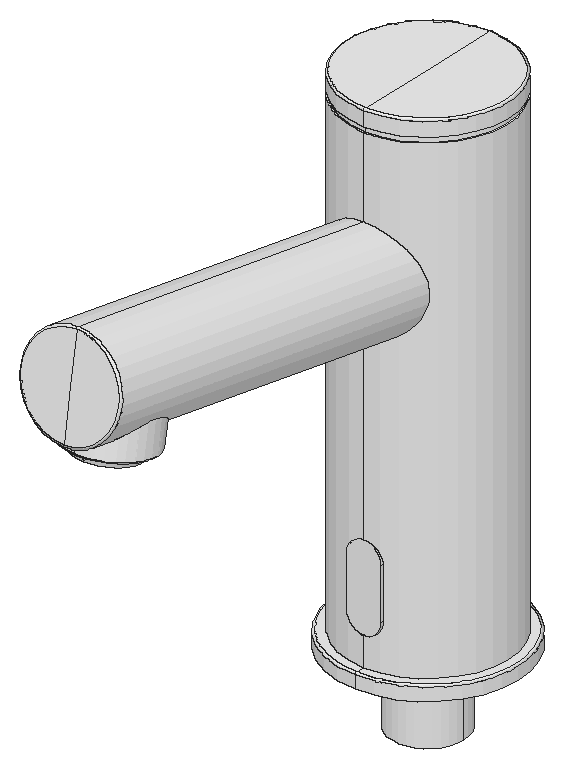
Revit family "Mixer-Basin-Caroma G Series E Hands Free-Cold Water", category Plumbing Fixtures, host Face, Revit 2013
Parameters (values of type "Mains Power")
  Wattage_ANZRS = 0 VA
  Waste Connection = no
  WELSRating_ANZRS = "WELS 6 Star rated, 4.5L/min"  # constant formula
  Voltage_ANZRS = 240 V  # constant formula
  Vent Connection = no
  URL = "http://www.caroma.com.au/"
  Type Comments = "Caroma G Series E Hands Free Basin Mixer - Cold Water"  # constant formula
  PowerFactor_ANZRS = 1
  ModifiedIssue_ANZRS = 2013.1  # constant formula
  Model = "G16006E6A"  # constant formula
  Material_ANZRS = Metal-Chrome-Caroma
  Manufacturer = "GWA Bathrooms & Kitchens"  # constant formula
  HWFU = 1.19  # constant formula
  HW Connection = yes
  Description = "WELS 6 Star rated, 4.5L/min"  # constant formula
  Default Elevation = 0 mm
  CreatedBy_ANZRS = "Design Content"  # constant formula
  CreatedByURL_ANZRS = "www.designcontent.com.au"
  Cost = 0
  Connector Radius = 10 mm  # constant formula
  CWFU = 1.19  # constant formula
  CW Connection = yes
  Assembly Code = "D2020300"
  ApparentCurrent_ANZRS = 10 A  # constant formula
Reference planes
  plane 1 "Center (Front/Back)": y = 0
  plane 2: z = 0
  plane 3 "Center (Left/Right)": x = 0
Forms (mm)
  Extrusion 1, solid, material "Metal-Chrome-Caroma" <- "Material_ANZRS"
    sketch origin (7.071, 7.071, 0) x (1, 0, 0) y (0, 1, 0)
      loop
        circle (-7.071, -7.071) r 10
    from -20 to 0
  Revolve 2, solid, material "Metal-Chrome-Caroma" <- "Material_ANZRS"
    sketch origin (0, 0, 0) x (0, 1, 0) y (0, 0, 1)
      loop
        line (0, 0) -> (25, 0) -> (25, 3.5)
        arc (25, 3.5) -> (24.854, 3.854) -> (24.5, 4) r 0.5
        line (24.5, 4) -> (22, 4) -> (22, 136.306) -> (0, 136.306) -> (0, 0)
      loop
        line (0, 142.196) -> (0, 137.757) -> (22, 137.757) -> (22, 141.696)
        arc (22, 141.696) -> (21.854, 142.05) -> (21.5, 142.196) r 0.5
        line (21.5, 142.196) -> (0, 142.196)
      axis (0, 0) -> (0, 142.196)
    angle from 0 to 360
  Revolve 3, solid, material "Metal-Chrome-Caroma" <- "Material_ANZRS"
    sketch origin (0, 0, 0) x (0, 1, 0) y (0, 0, 1)
      loop
        line (21.552, 137.757) -> (0, 137.757) -> (0, 136.306) -> (21.552, 136.306) -> (21.552, 137.757)
      axis (0, 136.306) -> (0, 137.757)
    angle from 0 to 360
  Revolve 4, solid, material "Metal-Chrome-Caroma" <- "Material_ANZRS"
    sketch origin (0, 0, 0) x (0, 1, 0) y (0, 0, 1)
      loop
        line (-5.828, 111.334) -> (-120.431, 131.541)
        arc (-120.431, 131.541) -> (-120.804, 131.458) -> (-121.01, 131.136) r 0.5
        line (-121.01, 131.136) -> (-123.354, 117.841) -> (-8.259, 97.546) -> (-5.828, 111.334)
      axis (-8.259, 97.546) -> (-123.354, 117.841)
    angle from 0 to 360
  Revolve 5, solid, material "Metal-Chrome-Caroma" <- "Material_ANZRS"
    sketch origin (0, -17.705, -18.226) x (0, 1, 0) y (0, 0, 1)
      loop
        line (-89.667, 131.467) -> (-101.481, 133.551) -> (-104.08, 118.809) -> (-103.514, 118.201) -> (-101.658, 117.874) -> (-101.078, 115.711) -> (-92.705, 114.234) -> (-89.667, 131.467)
      axis (-89.667, 131.467) -> (-92.705, 114.234)
    angle from 0 to 360
  Extrusion 6, solid, material "Metal-Chrome-Caroma", detail levels fine
    sketch origin (0, 0, 0) x (1, 0, 0) y (0, 0, 1)
      loop
        arc (-4.75, 16.75) -> (0, 12) -> (4.75, 16.75) r 4.75
        line (4.75, 16.75) -> (4.75, 30.75)
        arc (4.75, 30.75) -> (0, 35.5) -> (-4.75, 30.75) r 4.75
        line (-4.75, 30.75) -> (-4.75, 16.75)
    from 0 to 22
  Extrusion 7, void
    sketch origin (0, 0, 0) x (1, 0, 0) y (0, 0, 1)
      loop
        arc (-4.75, 16.75) -> (0, 12) -> (4.75, 16.75) r 4.75
        line (4.75, 16.75) -> (4.75, 30.75)
        arc (4.75, 30.75) -> (0, 35.5) -> (-4.75, 30.75) r 4.75
        line (-4.75, 30.75) -> (-4.75, 16.75)
    from 0 to 22
Cuts and joins
  Extrusion 7 cuts Revolve 2
  joined: Revolve 2, Revolve 3, Revolve 4, Revolve 5
Lines and regions (mm)
  Masking region 1
    outline origin (0, 0, 0) x (1, 0, 0) y (0, 0, 1)
      loop
        line (0, 0) -> (25, 0) -> (25, 3.5)
        arc (25, 3.5) -> (24.854, 3.854) -> (24.5, 4) r 0.5
        line (24.5, 4) -> (22, 4) -> (22, 74.004) -> (22, 136.306) -> (0, 136.306) -> (-22, 136.306) -> (-22, 4) -> (-24.5, 4)
        arc (-24.5, 4) -> (-24.854, 3.854) -> (-25, 3.5) r 0.5
        line (-25, 3.5) -> (-25, 0) -> (0, 0)
      loop
        line (0, 142.192) -> (-21.5, 142.192)
        arc (-21.5, 142.192) -> (-21.854, 142.046) -> (-22, 141.692) r 0.5
        line (-22, 141.692) -> (-22, 137.757) -> (0, 137.757) -> (22, 137.757) -> (22, 141.692)
        arc (22, 141.692) -> (21.854, 142.046) -> (21.5, 142.192) r 0.5
        line (21.5, 142.192) -> (0, 142.192)
  Masking region 2
    outline origin (0, 0, 0) x (1, 0, 0) y (0, 0, 1)
      loop
        line (-21.552, 137.757) -> (-21.552, 136.306) -> (21.552, 136.306) -> (21.552, 137.757) -> (-21.552, 137.757)
  Masking region 3
    outline origin (0, 0, 0) x (1, 0, 0) y (0, 1, 0)
      loop
        arc (24.269, -6) -> (-8.971, 23.335) -> (-14, -20.712) r 25
        line (-14, -20.712) -> (-14, -122.851)
        spline (-14, -122.851) -> (-13.523, -123.592) -> (-12.124, -124.282) -> (-9.899, -124.875) -> (-7, -125.33) -> (-3.623, -125.616) -> (0, -125.713) -> (3.623, -125.616) -> (7, -125.33) -> (9.899, -124.875) -> (12.124, -124.282) -> (13.523, -123.592) -> (14, -122.851)
        line (14, -122.851) -> (14, -20.712)
        arc (14, -20.712) -> (20.5, -14.309) -> (24.269, -6) r 25
  symbolic lines
    curve 1: line (-22, 0, 136.306) -> (22, 0, 136.306)
    curve 2: line (22, 0, 137.757) -> (-22, 0, 137.757)
    curve 3: line (-22, 0, 4) -> (22, 0, 4)
    curve 4: circle (0, 0, 0) r 22 normal (0, 0, 1)
    curve 5: arc (24.269, 6, 0) -> (-14.309, 20.5, 0) -> (-14, -20.712, 0) r 25
    curve 6: line (-14, -103.502, 0) -> (-14, -16.971, 0)
    curve 7: line (14, -103.502, 0) -> (14, -16.971, 0)
    curve 8: arc (14, -20.712, 0) -> (20.5, -14.309, 0) -> (24.269, -6, 0) r 25
    curve 9: arc (4.75, 0, 30.75) -> (0, 0, 35.5) -> (-4.75, 0, 30.75) r 4.75
    curve 10: line (-4.75, 0, 30.75) -> (-4.75, 0, 16.75)
    curve 11: line (4.75, 0, 16.75) -> (4.75, 0, 30.75)
    curve 12: arc (-4.75, 0, 16.75) -> (0, 0, 12) -> (4.75, 0, 16.75) r 4.75
    curve 13: spline (0, 0, 104.07) -> (3.627, 0, 104.536) -> (7.006, 0, 105.905) -> (9.909, 0, 108.082) -> (12.135, 0, 110.919) -> (13.535, 0, 114.223) -> (14.013, 0, 117.769) -> (13.535, 0, 121.314) -> (12.135, 0, 124.618) -> (9.909, 0, 127.455) -> (7.006, 0, 129.633) -> (3.627, 0, 131.001) -> (0, 0, 131.468) -> (-3.627, 0, 131.001) -> (-7.006, 0, 129.633) -> (-9.909, 0, 127.455) -> (-12.135, 0, 124.618) -> (-13.535, 0, 121.314) -> (-14.013, 0, 117.769) -> (-13.535, 0, 114.223) -> (-12.135, 0, 110.919) -> (-9.909, 0, 108.082) -> (-7.006, 0, 105.905) -> (-3.627, 0, 104.536) -> (0, 0, 104.07)
    curve 14: arc (-7.252, 0, 87.659) -> (-3.749, 0, 86.238) -> (0, 0, 85.753) r 14.756
    curve 15: arc (-11.925, 0, 91.877) -> (-9.822, 0, 89.509) -> (-7.252, 0, 87.659) r 14.387
    curve 16: arc (-13.976, 0, 99.107) -> (-13.57, 0, 95.316) -> (-11.925, 0, 91.877) r 11.287
    curve 17: line (-13.976, 0, 99.107) -> (-13.976, 0, 117.29)
    curve 18: spline (0, 0, 94.532) -> (-2.2, 0, 94.583) -> (-4.251, 0, 94.73) -> (-6.012, 0, 94.965) -> (-7.363, 0, 95.27) -> (-8.212, 0, 95.627) -> (-8.502, 0, 96.009) -> (-8.212, 0, 96.391) -> (-7.363, 0, 96.747) -> (-6.012, 0, 97.053) -> (-4.251, 0, 97.287) -> (-2.2, 0, 97.435) -> (0, 0, 97.485)
    curve 19: spline (-9.325, 0, 97.744) -> (-9.447, 0, 97.979) -> (-9.372, 0, 98.216) -> (-9.102, 0, 98.448) -> (-8.643, 0, 98.671) -> (-8.004, 0, 98.88) -> (-7.198, 0, 99.07) -> (-6.243, 0, 99.239) -> (-5.158, 0, 99.382) -> (-3.965, 0, 99.497) -> (-2.69, 0, 99.58) -> (-1.359, 0, 99.631) -> (0, 0, 99.648)
    curve 20: spline (-8.878, 0, 96.784) -> (-10.032, 0, 97.092) -> (-10.836, 0, 97.431) -> (-11.264, 0, 97.791) -> (-11.3, 0, 98.158) -> (-10.943, 0, 98.52) -> (-10.205, 0, 98.864) -> (-9.112, 0, 99.178) -> (-7.702, 0, 99.451) -> (-6.024, 0, 99.675) -> (-4.136, 0, 99.84) -> (-2.105, 0, 99.941) -> (0, 0, 99.976)
    curve 21: spline (-11.766, 0, 98.093) -> (-11.982, 0, 98.398) -> (-11.939, 0, 98.704) -> (-11.637, 0, 99.006) -> (-11.084, 0, 99.297) -> (-10.29, 0, 99.571) -> (-9.274, 0, 99.822) -> (-8.057, 0, 100.044) -> (-6.665, 0, 100.232) -> (-5.13, 0, 100.383) -> (-3.483, 0, 100.494) -> (-1.76, 0, 100.561) -> (0, 0, 100.583)
    curve 22: line (-11.997, 0, 98.5) -> (-11.997, 0, 108.023)
    curve 23: arc (-4.12, 0, 103.769) -> (-2.075, 0, 103.391) -> (0, 0, 103.265) r 17.089
    curve 24: arc (-9.461, 0, 106.111) -> (-6.89, 0, 104.713) -> (-4.12, 0, 103.769) r 17.264
    curve 25: arc (-11.691, 0, 107.843) -> (-10.61, 0, 106.934) -> (-9.461, 0, 106.111) r 18.209
    curve 26: arc (-11.997, 0, 108.023) -> (-11.834, 0, 107.949) -> (-11.691, 0, 107.843) r 0.863
    curve 27: line (-9.448, 0, 98.008) -> (-8.499, 0, 95.972)
    curve 28: arc (7.252, 0, 87.659) -> (3.749, 0, 86.238) -> (0, 0, 85.753) r 14.756
    curve 29: arc (11.925, 0, 91.877) -> (9.822, 0, 89.509) -> (7.252, 0, 87.659) r 14.387
    curve 30: arc (13.976, 0, 99.107) -> (13.57, 0, 95.316) -> (11.925, 0, 91.877) r 11.287
    curve 31: line (13.976, 0, 99.107) -> (13.976, 0, 117.29)
    curve 32: spline (0, 0, 94.532) -> (2.2, 0, 94.583) -> (4.251, 0, 94.73) -> (6.012, 0, 94.965) -> (7.363, 0, 95.27) -> (8.212, 0, 95.627) -> (8.502, 0, 96.009) -> (8.212, 0, 96.391) -> (7.363, 0, 96.747) -> (6.012, 0, 97.053) -> (4.251, 0, 97.287) -> (2.2, 0, 97.435) -> (0, 0, 97.485)
    curve 33: spline (9.325, 0, 97.744) -> (9.447, 0, 97.979) -> (9.372, 0, 98.216) -> (9.102, 0, 98.448) -> (8.643, 0, 98.671) -> (8.004, 0, 98.88) -> (7.198, 0, 99.07) -> (6.243, 0, 99.239) -> (5.158, 0, 99.382) -> (3.965, 0, 99.497) -> (2.69, 0, 99.58) -> (1.359, 0, 99.631) -> (0, 0, 99.648)
    curve 34: spline (8.878, 0, 96.784) -> (10.032, 0, 97.092) -> (10.836, 0, 97.431) -> (11.264, 0, 97.791) -> (11.3, 0, 98.158) -> (10.943, 0, 98.52) -> (10.205, 0, 98.864) -> (9.112, 0, 99.178) -> (7.702, 0, 99.451) -> (6.024, 0, 99.675) -> (4.136, 0, 99.84) -> (2.105, 0, 99.941) -> (0, 0, 99.976)
    curve 35: spline (11.766, 0, 98.093) -> (11.982, 0, 98.398) -> (11.939, 0, 98.704) -> (11.637, 0, 99.006) -> (11.084, 0, 99.297) -> (10.29, 0, 99.571) -> (9.274, 0, 99.822) -> (8.057, 0, 100.044) -> (6.665, 0, 100.232) -> (5.13, 0, 100.383) -> (3.483, 0, 100.494) -> (1.76, 0, 100.561) -> (0, 0, 100.583)
    curve 36: line (11.997, 0, 98.5) -> (11.997, 0, 108.023)
    curve 37: arc (4.12, 0, 103.769) -> (2.075, 0, 103.391) -> (0, 0, 103.265) r 17.089
    curve 38: arc (9.461, 0, 106.111) -> (6.89, 0, 104.713) -> (4.12, 0, 103.769) r 17.264
    curve 39: arc (11.691, 0, 107.843) -> (10.61, 0, 106.934) -> (9.461, 0, 106.111) r 18.209
    curve 40: arc (11.997, 0, 108.023) -> (11.834, 0, 107.949) -> (11.691, 0, 107.843) r 0.863
    curve 41: line (9.448, 0, 98.008) -> (8.499, 0, 95.972)
    curve 42: line (-11.766, 0, 98.093) -> (-11.07, 0, 97.606)
    curve 43: line (11.766, 0, 98.093) -> (11.07, 0, 97.606)
Dimensions and locks
  aligned and locked: plane 2 to host face
  aligned and locked: level to host face
Connectors
  piping at (0, 0, -20), driven by "Connector Radius", driven by "CWFU"
    settings: on Extrusion 1, index 5, connector radius 0.3937", flow factor 0, pipe flow 0 GPM, pressure drop 0.00 psi, fitting loss kfactor 0, connector angle 0.00°, fixture units 1.19, engagement length 0 mm, flow configuration 3, flow direction 1, fitting loss method 1, system type 20, joint type 0, gender type 0, connector reference index -1, connector utility 0, adjustable connector no, is connector primary yes, fitting loss table "Inward Projecting Pipe", connector description ""
  electrical at (0, 0, 0), driven by "Voltage_ANZRS", driven by "Wattage_ANZRS", driven by "PowerFactor_ANZRS"
    settings: on cut or joined group of Revolve 2, Revolve 3, Revolve 4, Revolve 5, Extrusion 7, index 7, voltage 240 V, apparent load 0 VA, apparent load phase1 0 VA, apparent load phase2 0 VA, apparent load phase3 0 VA, power factor 1, load classification "Power", number of poles 1, system type 31, power factor state 1, is connector primary yes, connector utility no, sub classification motor no, connector description "Power Supply"
